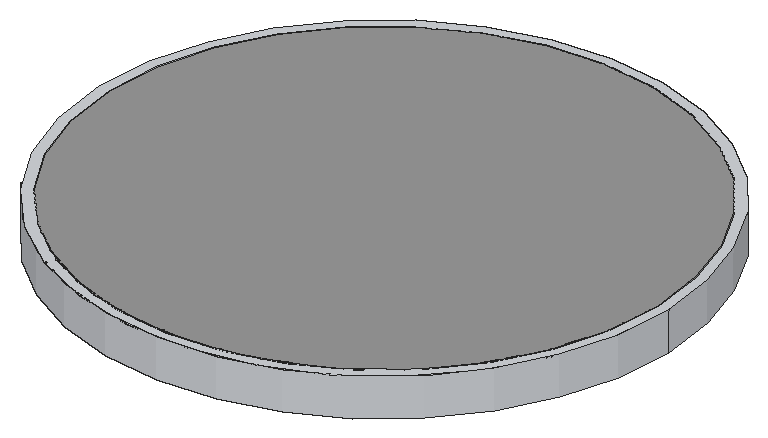
Revit family "2071277", category Lighting Fixtures, host Face, Revit 2018
Family settings
  Host = Face
  Round Connector Dimension = Use Diameter
  Part Type = Normal
  OmniClass Number = 23.80.70.00
  OmniClass Title = Lighting
  Cut with Voids When Loaded = No
  Light Source = Yes
  Shared = No
  Room Calculation Point = No
Parameters (values of type "2071277 COLOSSAL 900 940 PR DIR+H WHT DALI")
  iner diameter = 856 mm
  Weight = "n/a"
  Wattage Comments = ""
  Wattage = 30 W
  WarrantyStartDate [instance] = "n/a"
  WarrantyGuarantorParts = "n/a"
  WarrantyDurationUnit = "n/a"
  WarrantyDurationParts = ""
  WarrantyDescription = "http://www.sylvania-lighting.com"
  built-in parameter 1150110 = 1 (stored number, unit not read)
  Voltage = 230 V
  URL = "0.99"
  TypeName = "COLOSSAL 900mm 940 PRISM DIR+HAL WHITE DALI"
  Type Image = <None>
  Type Comments = "n/a"
  built-in parameter 1114217 = 1 (stored number, unit not read)
  Tilt Angle = -90.00°
  built-in parameter 1150109 = 1 (stored number, unit not read)
  built-in parameter 1150134 = (empty or 0)
  built-in parameter 1150113 = 1 (stored number, unit not read)
  SerialNumber [instance] = "n/a"
  Photometric Web File = "2071277.ies"
  Material_3_SYL = LED-Sylvania
  PowerFactor = 0
  PowerConsumption = "Lighting"
  NominalLength = 888 mm
  NominalHeight = 93 mm
  NominalDepth = 888 mm
  Name = "COLOSSAL 900mm 940 PRISM DIR+HAL WHITE DALI"
  ModelReference = Name  # "COLOSSAL 900mm 940 PRISM DIR+HAL WHITE DALI"
  ModelNumber = "2071277"
  Model = Name  # "COLOSSAL 900mm 940 PRISM DIR+HAL WHITE DALI"
  Material = "Feilo Sylvania"
  ManufacturerName = "120 lm/W"
  Manufacturer = ""
  LuminousEfficacy = ""
  built-in parameter 1150105 = 270.44 (stored number, unit not read)
  Lumens = 3398.4 lm
  LuminaireType = "0"
  built-in parameter 1150115 = 1 (stored number, unit not read)
  LightOutputRatio = "LED"
  built-in parameter 1150137 = (empty or 0)
  built-in parameter 1150139 = (empty or 0)
  LampsType = Lamp  # "n/a"
  LampNominalLuminous = "4000 K"
  LampMacAdamStep = "90"
  LampColourTemperature = "LED"
  LampColourRenderingIndex = "16500"
  built-in parameter 1150112 = 1 (stored number, unit not read)
  built-in parameter 1150114 = 1 (stored number, unit not read)
  Lamp = "n/a"
  Keynote = "n/a"
  InstallationDate [instance] = "n/a"
  InputVoltage = "0"
  InputNominalFrequency = "4000"
  built-in parameter 1150132 = (empty or 0)
  built-in parameter 1150102 = (empty or 0)
  built-in parameter 1150107 = 3000 (stored number, unit not read)
  built-in parameter 1150138 = (empty or 0)
  IngressProtection = "IfcLightFixtureType"
  ImpactProtectionIndex = "IfcLightFixtureType"
  built-in parameter 1150106 = 2.7044 (stored number, unit not read)
  IfcExportType = "IfcLightFixtureType"
  IfcExportAs = "Class I"
  Emit from Circle Diameter = 385 mm
  Emit Shape Visible in Rendering = no
  ElectricShockClassification = "120"
  built-in parameter 1150104 = 10.524 (stored number, unit not read)
  DocumentationLiterature = "http://www.sylvania-lighting.com/product/en-int/products/2071277"
  DimmingControlOptions = "n/a"
  Material_2_SYL = Polycarbonate_Sylvania_White
  Dimming Lamp Color Temperature Shift = <None>
  Description = "900mm diameter circular architectural luminaire, can be surface mounted or suspended. Powder coated aluminium housing (RAL9016) with PMMA prismatic diffuser. Direct/indirect (halo) light distribution, 7055lm luminuous flux, 58.7W system power, 120lm/W luminiaire efficacy. DALI dimmable. Colour rendering index Ra >90, 4000K Neutral White LED, chromaticity tolerance of 3-step MacAdam ellipse. IP40/IP20, IK03. 350mA drive current. UGR≤19. Electrical protection Class1, 220-240V. Reported lifetime 66k hours L90B10."
  Default Elevation = 1219.2 mm
  CreatedOn = "23/03/2022"
  CreatedBy = "@sylvania-lighting.com"
  Cost = 0
  Color Filter = 16777215
  built-in parameter 1114216 [instance] = (empty or 0)
  ClassificationValue = "EF_70_80"
  ClassificationName = "Uniclass2015"
  Material_1_SYL = Polycarbonate_Sylvania_Opal
  BarCode [instance] = "n/a"
  built-in parameter 1114218 = 1 (stored number, unit not read)
  built-in parameter 1150133 = 10 (stored number, unit not read)
  AssetType = "Fixed"
  AssetIdentifier [instance] = "n/a"
  Assembly Code = "D5020200"
  Apparent Load = 58.7 VA
  Material_4_SYL = none
Reference planes
  plane 1 "Center (Front/Back)": y = 0
  plane 2: z = 0
  plane 3 "Center (Left/Right)": x = 0
  plane 4: z = 1.161
  plane 5: z = 16.161
  plane 6: x = -444
  plane 7: x = 444
  plane 8: y = 444
  plane 9: y = -444
  plane 10: y = 236
  plane 11: y = -236
  plane 12: x = 85
  plane 13: x = -85
  plane 14: through (0, 0, 1219.2) normal (0.5, 0.866, 0)
  plane 15: through (42.5, 73.612, 1219.2) normal (0.5, 0.866, 0)
  plane 16: through (-42.5, -73.612, 1219.2) normal (0.5, 0.866, 0)
  plane 17: through (0, 0, 1219.2) normal (0.5, -0.866, 0)
  plane 18: through (-42.5, 73.612, 1219.2) normal (0.5, -0.866, 0)
  plane 19: through (42.5, -73.612, 1219.2) normal (0.5, -0.866, 0)
  plane 20: z = 93
  plane 21: y = 428
  plane 22: y = -428
Forms (mm)
  Extrusion 1, solid, detail levels medium+fine
    sketch origin (0, 0, 0) x (0.866025, -0.5, 0) y (0.5, 0.866025, 0)
      loop
        circle (-50, 86.603) r 22
    from 0 to 2
  Extrusion 2, solid, detail levels medium+fine
    sketch origin (0, 0, 0) x (0.866025, -0.5, 0) y (0.5, 0.866025, 0)
      loop
        circle (100, 0) r 22
      loop
        circle (-50, -86.603) r 22
    from 0 to 2
  Blend 3, solid, detail levels medium+fine
    base sketch origin (0, 0, 0) x (1, 0, 0) y (0, 1, 0)
      loop
        line (-85, 236) -> (-246.882, -44.388) -> (-161.882, -191.612) -> (161.882, -191.612) -> (246.882, -44.388) -> (85, 236) -> (-85, 236)
    top sketch origin (0, 0, 0) x (1, 0, 0) y (0, 1, 0)
      loop
        line (-85, 283.076) -> (-287.651, -67.926) -> (-207.792, -218.119) -> (207.792, -218.119) -> (292.5, -71.401) -> (85, 283.076) -> (-85, 283.076)
    from 0 to 33.022
  Extrusion 4, solid, detail levels medium+fine
    sketch origin (0, 0, 0) x (1, 0, 0) y (0, 1, 0)
      loop
        circle (0, 0) r 444
    from 33.022 to 93
  Extrusion 5, void
    sketch origin (0, 0, 0) x (1, 0, 0) y (0, 1, 0)
      loop
        circle (0, 0) r 428
    from 96.588 to 37.292
  Extrusion 6, solid, material "Glass, White, High Luminance", detail levels fine
    sketch origin (0, 0, 0) x (1, 0, 0) y (0, 1, 0)
      loop
        circle (0, 0) r 428
    from 87.991 to 93
  Extrusion 7, solid, detail levels coarse
    sketch origin (0, 0, 0) x (1, 0, 0) y (0, 1, 0)
      loop
        line (-444, 444) -> (-444, -444) -> (444, -444) -> (444, 444) -> (-444, 444)
    from 0 to 93.648
Cuts and joins
  Extrusion 5 cuts Extrusion 1
  Extrusion 5 cuts Extrusion 2
  Extrusion 5 cuts Blend 3
  Extrusion 5 cuts Extrusion 4
Lines and regions (mm)
  model lines, detail levels medium+fine
    curve 1: circle (0, 0, 0) r 100 normal (0, 0, 1)
Dimensions and locks
  "NominalDepth": plane 8 to plane 9
  plane 8 to plane 1 "Center (Front/Back)" to plane 9 = 444 mm, 444 mm
  "NominalLength": plane 6 to plane 7
  equal spacing: plane 6, plane 3 "Center (Left/Right)", plane 7
  "NominalHeight": level to plane 20
  "iner diameter": plane 21 to plane 22
  equal spacing: plane 21, plane 1 "Center (Front/Back)", plane 22
  aligned and locked: plane 2 to host face
  aligned and locked: level to host face
Automatic sketch dimensions
  host sketch curve to host sketch curve = 2438.4 mm  (x2)
  Extrusion 1 sketch curve to plane 3 "Center (Left/Right)" = 0 mm
  Extrusion 1 sketch curve to plane 1 "Center (Front/Back)" = 100 mm
  plane 1 "Center (Front/Back)" to Extrusion 2 sketch curve = 50 mm
  Extrusion 2 sketch curve to plane 3 "Center (Left/Right)" = 86.603 mm
  Extrusion 2 sketch curve to Extrusion 2 sketch curve = 150 mm
  Extrusion 2 sketch curve to Extrusion 2 sketch curve = 86.603 mm
  plane 1 "Center (Front/Back)" to curve 1 = 0 mm
  curve 1 to plane 3 "Center (Left/Right)" = 0 mm
  plane 18 to Blend 3 sketch curve = 0 mm  (x2)
  plane 19 to Blend 3 sketch curve = 0 mm  (x2)
  Blend 3 sketch curve to plane 10 = 0 mm
  Blend 3 sketch curve to plane 13 = 0 mm  (x2)
  Blend 3 sketch curve to plane 12 = 0 mm  (x2)
  Blend 3 sketch curve to plane 16 = 0 mm  (x2)
  Blend 3 sketch curve to plane 15 = 0 mm
  plane 11 to Blend 3 sketch curve = 44.388 mm
  plane 1 "Center (Front/Back)" to Blend 3 sketch curve = 44.388 mm  (x2)
  plane 11 to Blend 3 sketch curve = 17.881 mm
  plane 1 "Center (Front/Back)" to Blend 3 sketch curve = 67.926 mm
  plane 1 "Center (Front/Back)" to Blend 3 sketch curve = 71.401 mm
  Blend 3 sketch curve to plane 7 = 151.5 mm
  plane 10 to Blend 3 sketch curve = 47.076 mm
  plane 1 "Center (Front/Back)" to Extrusion 4 sketch curve = 0 mm
  Extrusion 4 sketch curve to plane 3 "Center (Left/Right)" = 0 mm
  plane 1 "Center (Front/Back)" to Extrusion 5 sketch curve = 0 mm
  Extrusion 5 sketch curve to plane 3 "Center (Left/Right)" = 0 mm
  plane 1 "Center (Front/Back)" to Extrusion 6 sketch curve = 0 mm
  Extrusion 6 sketch curve to plane 3 "Center (Left/Right)" = 0 mm
  Extrusion 7 sketch curve to plane 6 = 0 mm
  Extrusion 7 sketch curve to plane 7 = 0 mm
  Extrusion 7 sketch curve to plane 9 = 0 mm
  Extrusion 7 sketch curve to plane 8 = 0 mm
  radius of Extrusion 1 sketch curve = 22 mm
  radius of Extrusion 2 sketch curve = 22 mm  (x2)
  radius of curve 1 = 100 mm
  radius of Extrusion 4 sketch curve = 444 mm
  radius of Extrusion 5 sketch curve = 428 mm
  radius of Extrusion 6 sketch curve = 428 mm
Connectors
  electrical at (0, 0, 0), driven by "Apparent Load", driven by "PowerFactor", driven by "Voltage"
    settings: index 1, voltage 230 V, apparent load 58.7 VA, apparent load phase1 0 VA, apparent load phase2 0 VA, apparent load phase3 0 VA, power factor 0, load classification "Lighting", number of poles 1, system type 30, power factor state 1, is connector primary yes, connector utility no, sub classification motor no, connector description ""
